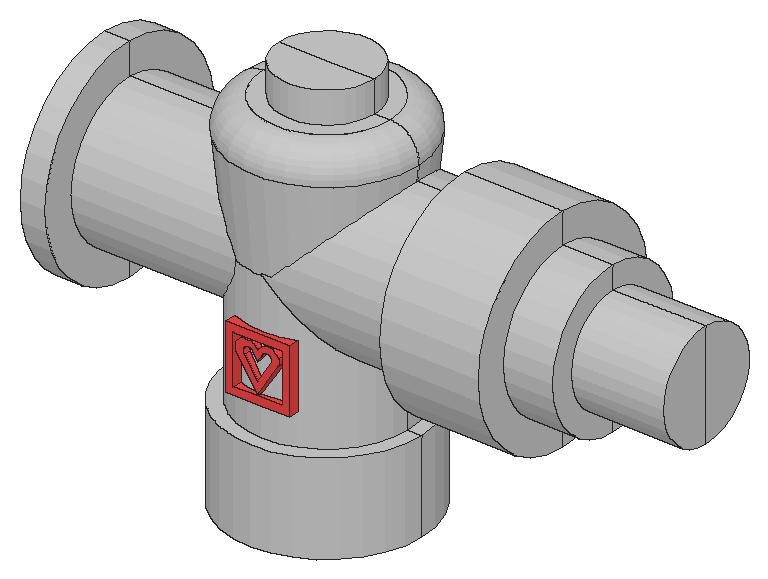
Revit family "HERZ-TS-98-VH-Thermostatventil Eck Spezial 7628", category Rohrzubehör, Revit 2019
Family settings
  Bemaßung runder Anschluss = Durchmesser verwenden
  Teiletyp = Unterbricht
  OmniClass-Nummer = 23.65.55.14
  OmniClass-Titel = Valves for Liquid Services
  Arbeitsebenenbasiert = Nein
  Immer vertikal = Ja
  Beim Laden mit Abzugskörper schneiden = Nein
  Gemeinsam genutzt = Nein
Parameters
  URL = "www.herz-armaturen.at"
  Schraubkappe = "Kunststoff, hellgrau"  # constant formula
  SCRNSEQ = "ARM;ARM_TYP=\"ALLF\";2"
  SCRNCODE = "05;00;02"  # constant formula
  S02 = L06 + L07 - L03  # 26.800 mm
  S01 = 10.000 mm  # constant formula
  R06 = 4.000 mm  # constant formula
  R05 = 13.500 mm  # constant formula
  R04 = 11.500 mm  # constant formula
  R03 = 9.000 mm  # constant formula
  R02 = 6.750 mm  # constant formula
  R01 = 7.000 mm  # constant formula
  Nennweite = 15.000 mm  # constant formula
  Medium = "Heizwasserqualität entsprechend ÖNORM H 5195 bzw. VDI-Richtlinie 2035"
  Max.Betriebstemperatur = 120 °C  # constant formula
  Max.Betriebsdruck = 1000000.0 Pa  # constant formula
  LO1 = 16.000 mm  # constant formula
  L11 = L01 - L05  # 28.000 mm
  L10 = 7.500 mm  # constant formula
  L09 = 19.500 mm  # constant formula
  L08 = 13.200 mm  # constant formula
  L07 = 20.300 mm  # constant formula
  L06 = 14.000 mm  # constant formula
  L05 = 3.500 mm  # constant formula
  L04 = 28.000 mm  # constant formula
  L03 = 7.500 mm  # constant formula
  L02 = 27.000 mm  # constant formula
  L01 = 31.500 mm  # constant formula
  Hersteller = "HERZ Armaturen Ges.m.b.H."  # constant formula
  H04 = 12.900 mm  # constant formula
  H03 = 4.400 mm  # constant formula
  H02 = 22.350 mm  # constant formula
  H01 = 33.500 mm  # constant formula
  Gehäuse = "vernickeltes Messing"  # constant formula
  GT = 9.500 mm  # constant formula
  G2 = Nennweite / 2  # 7.500 mm
  G1 = Nennweite / 2  # 7.500 mm
  D08 = 5.300 mm  # constant formula
  D07 = 17.100 mm  # constant formula
  D06 = 10.650 mm  # constant formula
  D05 = 15.000 mm  # constant formula
  D04 = 9.525 mm  # constant formula
  D03 = 11.500 mm  # constant formula
  D02 = 10.500 mm  # constant formula
  D01 = 15.000 mm  # constant formula
  Bestellnummer = 1762826  # constant formula
  Ausführungen = "Alle Modelle werden in vernickelter Ausführung mit hellgrauer Schraubkappe geliefert. Universalmodelle mit Spezialmuffe für Gewinderohr und Klemmsetanschluß"
  Anwendungsgebiet = "Wasserheizungsanlagen, bei denen der hydraulische Abgleich über Rücklaufventile nicht möglich oder nicht erwünscht ist."
  Anschlussgewinde für TH-Kopf = "M30x1.5"  # constant formula
Reference planes
  plane 1 "Mitte (Vorne/hinten)": y = 0
  plane 2: z = 0
  plane 3 "Mitte (Links/rechts)": x = 0
Forms (mm)
  Revolve 1, solid, material "Messing, weicher Gelbton, geschweißt", detail levels fine
    sketch origin (0, 0, 0) x (1, 0, 0) y (0, 0, 1)
      loop
        line (27, 0) -> (27, 9.525) -> (19.5, 9.525) -> (19.5, 11.5) -> (0, 11.5) -> (0, 10.5) -> (-28, 10.5) -> (-28, 15) -> (-31.5, 15) -> (-31.5, 0) -> (27, 0)
      axis (-31.5, 0) -> (27, 0)
    angle from 0 to 360
  Revolve 2, solid, material "Messing, weicher Gelbton, geschweißt", detail levels fine
    sketch origin (0, 0, 0) x (1, 0, 0) y (0, 0, 1)
      loop
        line (27, 0) -> (53.8, 0) -> (53.8, 7.5) -> (40.6, 7.5) -> (40.6, 10.65) -> (33.5, 10.65) -> (33.5, 15) -> (19.5, 15) -> (19.5, 9.525) -> (27, 9.525) -> (27, 0)
      axis (19.5, 0) -> (53.8, 0)
    angle from 0 to 360
  Revolve 3, solid, material "Messing, weicher Gelbton, geschweißt", detail levels fine
    sketch origin (0, 0, 0) x (1, 0, 0) y (0, 0, 1)
      loop
        line (0, 22.35) -> (0, -24) -> (7.5, -24) -> (7.5, -33.5) -> (13.5, -33.5) -> (13.5, -20.6) -> (11.5, -20.6) -> (11.5, 0) -> (12.969, 13.456)
        arc (12.969, 13.456) -> (11.998, 16.598) -> (9, 17.95) r 4
        line (9, 17.95) -> (6.75, 17.95) -> (6.75, 22.35) -> (0, 22.35)
      axis (0, 22.35) -> (0, -33.5)
    angle from 0 to 360
Lines and regions (mm)
  model lines, detail levels coarse+medium
    curve 1: line (0, 0, 0) -> (-13.5, 0, -33.5)
    curve 2: line (-13.5, 0, -33.5) -> (13.5, 0, -33.5)
    curve 3: line (13.5, 0, -33.5) -> (0, 0, 0)
    curve 4: line (0, 0, 0) -> (27, 0, 15)
    curve 5: line (27, 0, 15) -> (27, 0, -15)
    curve 6: line (27, 0, -15) -> (0, 0, 0)
    curve 7: line (0, 0, 0) -> (-31.5, 0, 0)
    curve 8: line (27, 0, 15) -> (37, 0, 15)
    curve 9: line (37, 0, 15) -> (27, 0, 0)
    curve 10: line (27, 0, -15) -> (37, 0, -15)
    curve 11: line (37, 0, -15) -> (27, 0, 0)
    curve 12: line (27, 0, 0) -> (53.8, 0, 0)
    curve 13: line (0, 0, 0) -> (-13.5, -33.5, 0)
    curve 14: line (-13.5, -33.5, 0) -> (13.5, -33.5, 0)
    curve 15: line (13.5, -33.5, 0) -> (0, 0, 0)
    curve 16: line (0, 0, 0) -> (27, 15, 0)
    curve 17: line (27, 15, 0) -> (27, -15, 0)
    curve 18: line (27, -15, 0) -> (0, 0, 0)
    curve 19: line (27, 15, 0) -> (37, 15, 0)
    curve 20: line (37, 15, 0) -> (27, 0, 0)
    curve 21: line (27, -15, 0) -> (37, -15, 0)
    curve 22: line (37, -15, 0) -> (27, 0, 0)
Dimensions and locks
  "D01": Revolve 1 sketch curve to Revolve 1 sketch curve
  "L05": Revolve 1 sketch curve to Revolve 1 sketch curve
  "D02": Revolve 1 sketch curve to Revolve 1 sketch curve
  "L01": plane 3 "Mitte (Links/rechts)" to Revolve 1 sketch curve
  "L02": plane 3 "Mitte (Links/rechts)" to Revolve 1 sketch curve
  "D03": Revolve 1 sketch curve to Revolve 1 sketch curve
  "D04": Revolve 1 sketch curve to Revolve 1 sketch curve
  "L04": Revolve 1 sketch curve to Revolve 1 sketch curve
  "L03": Revolve 1 sketch curve to Revolve 1 sketch curve
  "L06": Revolve 2 sketch curve to Revolve 2 sketch curve
  "L03": Revolve 2 sketch curve to Revolve 1
  "L02": Revolve 2 sketch curve to plane 3 "Mitte (Links/rechts)"
  "L07": Revolve 2 sketch curve to Revolve 2 sketch curve
  "L08": Revolve 2 sketch curve to Revolve 2 sketch curve
  "D04": Revolve 2 sketch curve to Revolve 2 sketch curve
  "D05": Revolve 2 sketch curve to Revolve 2 sketch curve
  "G2": Revolve 2 sketch curve to Revolve 2 sketch curve
  "D06": Revolve 2 sketch curve to Revolve 2 sketch curve
  "H01": plane 2 to Revolve 3 sketch curve
  "H02": Revolve 3 sketch curve to plane 2
  "R02": Revolve 3 sketch curve to Revolve 3 sketch curve
  "H03": Revolve 3 sketch curve to Revolve 3 sketch curve
  "H04": Revolve 3 sketch curve to Revolve 3 sketch curve
  "R05": Revolve 3 sketch curve to Revolve 3 sketch curve
  "R04": Revolve 3 sketch curve to Revolve 3 sketch curve
  "R03": Revolve 3 sketch curve to plane 3 "Mitte (Links/rechts)"
  "GT": Revolve 3 sketch curve to Revolve 3 sketch curve
  "G1": Revolve 3 sketch curve to Revolve 3 sketch curve
  "H01": plane 2 to curve 2
  "R05": curve 3 to plane 3 "Mitte (Links/rechts)" to curve 2
  "L02": curve 5 to plane 3 "Mitte (Links/rechts)"
  "D05": curve 8 to plane 2 to curve 10
  "S01": curve 5 to curve 9
  "S02": curve 12 to curve 12
  "L01": curve 7 to curve 7
  "H01": curve 14 to plane 1 "Mitte (Vorne/hinten)"
  "R05": curve 14 to plane 3 "Mitte (Links/rechts)" to curve 15
  "L02": plane 3 "Mitte (Links/rechts)" to curve 17
  "S01": curve 17 to curve 20
  "S01": curve 5 to curve 11
  "S01": curve 17 to curve 22
  "D05": curve 21 to plane 1 "Mitte (Vorne/hinten)" to curve 19
  "R04": nested 1 to plane 1 "Mitte (Vorne/hinten)"
  "LO1": plane 2 to nested 1
  "R06": radius of Revolve 3 sketch curve
  aligned and locked: level to plane 2
Automatic sketch dimensions
  curve 7 to level = 0.000 mm
  curve 1 to plane 3 "Mitte (Links/rechts)" = 0.000 mm
  curve 11 to level = 0.000 mm
  plane 1 "Mitte (Vorne/hinten)" to curve 13 = 0.000 mm
  curve 13 to plane 3 "Mitte (Links/rechts)" = 0.000 mm
  plane 1 "Mitte (Vorne/hinten)" to curve 20 = 0.000 mm
  Revolve 1 sketch curve to level = 0.000 mm  (x2)
  Revolve 1 sketch curve to Revolve 1 sketch curve = 1475.030 mm
  Revolve 1 sketch curve to Revolve 1 sketch curve = 1812.148 mm
  Revolve 2 sketch curve to level = 0.000 mm  (x2)
  Revolve 2 sketch curve to plane 3 "Mitte (Links/rechts)" = 1506.530 mm
  Revolve 2 sketch curve to Revolve 2 sketch curve = 1785.348 mm
  Revolve 3 sketch curve to plane 3 "Mitte (Links/rechts)" = 0.000 mm  (x2)
  Revolve 3 sketch curve to level = 0.000 mm
  Revolve 3 sketch curve to Revolve 3 sketch curve = 3.969 mm
  Revolve 3 sketch curve to Revolve 3 sketch curve = 332.545 mm
  Revolve 3 sketch curve to Revolve 3 sketch curve = 2191.965 mm
Nested families
  nested 1: "Herz-Logo-vorne" at (0, -11.5, -11.5) x (0, 1, 0) z (0, 0, 1), type "Herz-Logo-vorne"
Connectors
  piping at (53.8, 0, 0), diameter 15, driven by "Nennweite"
    settings: on Revolve 2, index 1, connector inside diameter 609.6 mm, connector length 0.000 mm, flow factor 0, pipe flow 0.0 L/s, pressure drop 0.0 Pa, fitting loss kfactor 0, connector angle 0.00°, fixture units 0, engagement length 0.000 mm, angle of deflection 0.00°, flow configuration 0, flow direction 2, fitting loss method 0, system type 7, joint type 0, gender type 0, connector reference index -1, connector utility 0, adjustable connector no, is connector primary yes, connector description ""
  piping at (0, 0, -24), diameter 15, driven by "Nennweite"
    settings: on Revolve 3, index 5, connector inside diameter 609.6 mm, connector length 0.000 mm, flow factor 0, pipe flow 0.0 L/s, pressure drop 0.0 Pa, fitting loss kfactor 0, connector angle 0.00°, fixture units 0, engagement length 0.000 mm, angle of deflection 0.00°, flow configuration 0, flow direction 1, fitting loss method 0, system type 7, joint type 0, gender type 0, connector reference index -1, connector utility 0, adjustable connector no, is connector primary no, connector description ""
Definition of nested family "Herz-Logo-vorne"
  Reference planes
    plane 1 "Mitte (Vorne/hinten)": y = 0
    plane 2: z = 0
    plane 3 "Mitte (Links/rechts)": x = 0
  Forms (mm)
    Extrusion 1, solid
      sketch origin (0.732, -0.018, 0.017) x (0, -1, 0) y (0, 0, 1)
        loop
          line (-0.018, -4.517) -> (4.482, -4.517) -> (4.482, 4.483) -> (-4.518, 4.483) -> (-4.518, -4.517) -> (-0.018, -4.517)
        loop
          line (-0.05, -3.48) -> (3.482, -3.48) -> (3.482, 3.483) -> (-3.518, 3.483) -> (-3.518, -3.48) -> (-0.05, -3.48)
        loop
          arc (-0.018, 2.383) -> (-1.543, 3.287) -> (-3.067, 2.383) r 1.738
          arc (-3.067, 2.383) -> (-3.191, 1.899) -> (-3.067, 1.415) r 1.009
          line (-3.067, 1.415) -> (-0.018, -3.281) -> (3.032, 1.415)
          arc (3.032, 1.415) -> (3.156, 1.899) -> (3.032, 2.383) r 1.009
          arc (3.032, 2.383) -> (1.507, 3.287) -> (-0.018, 2.383) r 1.738
        loop
          arc (1.885, 1.272) -> (2.005, 1.675) -> (1.885, 2.079) r 0.74
          arc (1.885, 2.079) -> (1.265, 2.416) -> (0.644, 2.079) r 0.74
          line (0.644, 2.079) -> (-0.018, 0.97) -> (-0.679, 2.079)
          arc (-0.679, 2.079) -> (-1.3, 2.416) -> (-1.921, 2.079) r 0.74
          arc (-1.921, 2.079) -> (-2.04, 1.675) -> (-1.921, 1.272) r 0.74
          line (-1.921, 1.272) -> (-0.018, -1.658) -> (1.885, 1.272)
      from 0 to 1.5
  Dimensions and locks
    aligned and locked: level to plane 2
